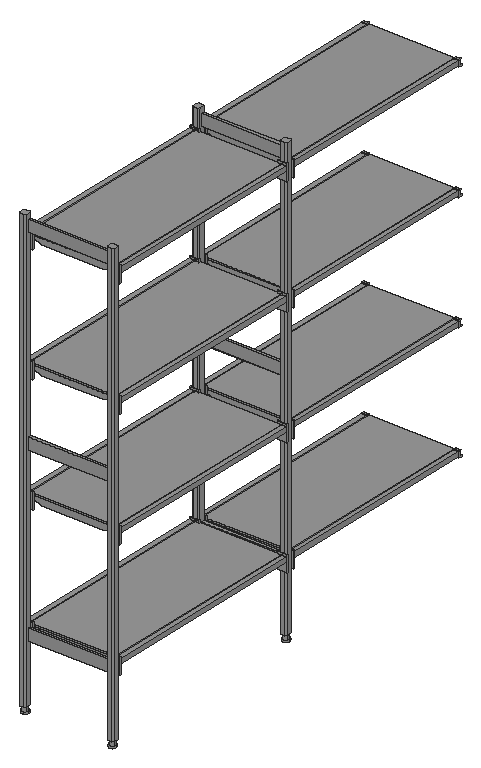
Revit family "QF_ELECTROLUXPROFESSIONAL_137060_ACS1664", category Attrezzature speciali, Revit 2020 (continued)
Definition of nested family "WT_Aggancio373"
  Dimensions and locks
    "Depth": plane 3 "BACK" to plane 4 "FRONT"
    "Dint": plane 7 to plane 8
    equal spacing: plane 7, plane 6 "Center (Front/Back)", plane 8
    equal spacing: plane 3 "BACK", plane 6 "Center (Front/Back)", plane 4 "FRONT"
    plane 9 "FEET" to level = 25.0 mm
    plane 5 "TOP" to plane 9 "FEET" = 1700.0 mm
    plane 10 to plane 9 "FEET" = 250.0 mm
    plane 11 to plane 10 = 450.0 mm
    plane 12 to plane 11 = 450.0 mm
    plane 13 to plane 12 = 450.0 mm
    locked: plane 3 "BACK" to plane 15 "CYBack" at 17.5
    locked: plane 16 "CYFront" to plane 4 "FRONT" at 17.5
    aligned and locked: level to plane 1
    aligned and locked: Extrusion 1 sketch curve to Extrusion 1 sketch curve  (x3)
  Automatic sketch dimensions
    plane 16 "CYFront" to Extrusion 1 sketch curve = 1.478 mm  (x4)
    Extrusion 1 sketch curve to Extrusion 1 sketch curve = 2.0 mm
    plane 8 to Extrusion 1 sketch curve = 3.478 mm  (x4)
    Extrusion 1 sketch curve to plane 10 = 4.006 mm
    Extrusion 1 sketch curve to Extrusion 1 sketch curve = 34.0 mm  (x4)
    Extrusion 1 sketch curve to plane 11 = 4.006 mm
    Extrusion 1 sketch curve to plane 12 = 4.006 mm
    Extrusion 1 sketch curve to plane 13 = 4.006 mm
    Extrusion 1 sketch curve to plane 7 = 37.522 mm  (x4)
    Extrusion 1 sketch curve to plane 7 = 3.522 mm  (x4)
    plane 14 to Extrusion 1 sketch curve = 3.516 mm  (x4)
    plane 14 to Extrusion 1 sketch curve = 1.522 mm  (x4)
    plane 10 to Extrusion 1 sketch curve = 7.998 mm  (x2)
    Extrusion 1 sketch curve to Extrusion 1 sketch curve = 11.498 mm  (x4)
    Extrusion 1 sketch curve to Extrusion 1 sketch curve = 6.499 mm  (x8)
    plane 11 to Extrusion 1 sketch curve = 7.998 mm  (x2)
    plane 12 to Extrusion 1 sketch curve = 7.998 mm  (x2)
    plane 13 to Extrusion 1 sketch curve = 7.998 mm  (x2)
    plane 2 "LEFT" to Extrusion 2 sketch curve = 0.0 mm  (x4)
    plane 13 to Extrusion 2 sketch curve = 7.996 mm
    plane 11 to Extrusion 2 sketch curve = 7.996 mm
    Extrusion 2 sketch curve to Extrusion 2 sketch curve = 5.0 mm  (x4)
    plane 11 to Extrusion 2 sketch curve = 2.494 mm
    plane 10 to Extrusion 2 sketch curve = 28.996 mm
    Extrusion 2 sketch curve to Extrusion 2 sketch curve = 3.0 mm  (x4)
    plane 10 to Extrusion 2 sketch curve = 7.996 mm
    plane 10 to Extrusion 2 sketch curve = 2.494 mm
    Extrusion 2 sketch curve to Extrusion 2 sketch curve = 18.0 mm  (x3)
    plane 12 to Extrusion 2 sketch curve = 2.494 mm
    plane 12 to Extrusion 2 sketch curve = 7.996 mm
    plane 13 to Extrusion 2 sketch curve = 2.494 mm
    plane 2 "LEFT" to Extrusion 3 sketch curve = 0.0 mm  (x4)
    plane 13 to Extrusion 3 sketch curve = 7.996 mm
    plane 11 to Extrusion 3 sketch curve = 7.996 mm
    Extrusion 3 sketch curve to Extrusion 3 sketch curve = 5.0 mm  (x4)
    plane 11 to Extrusion 3 sketch curve = 2.494 mm
    plane 10 to Extrusion 3 sketch curve = 28.996 mm
    Extrusion 3 sketch curve to Extrusion 3 sketch curve = 3.0 mm  (x4)
    plane 10 to Extrusion 3 sketch curve = 7.996 mm
    plane 10 to Extrusion 3 sketch curve = 2.494 mm
    Extrusion 3 sketch curve to Extrusion 3 sketch curve = 18.0 mm  (x3)
    plane 12 to Extrusion 3 sketch curve = 2.494 mm
    plane 12 to Extrusion 3 sketch curve = 7.996 mm
    plane 13 to Extrusion 3 sketch curve = 2.494 mm
    plane 2 "LEFT" to curve 1 = 5.0 mm
    plane 2 "LEFT" to curve 7 = 5.0 mm
    curve 1 to plane 16 "CYFront" = 17.5 mm
    curve 3 to plane 8 = 12.522 mm
    plane 7 to curve 5 = 12.478 mm
    curve 7 to plane 14 = 17.5 mm
    curve 5 to curve 5 = 4.0 mm
    curve 1 to curve 4 = 4.0 mm
    Extrusion 2 sketch curve to Extrusion 2 sketch curve = 4.0 mm  (x4)
    Extrusion 2 sketch curve to Extrusion 2 sketch curve = 8.969 mm  (x4)
    Extrusion 3 sketch curve to Extrusion 3 sketch curve = 4.0 mm  (x4)
    Extrusion 3 sketch curve to Extrusion 3 sketch curve = 8.969 mm  (x4)
